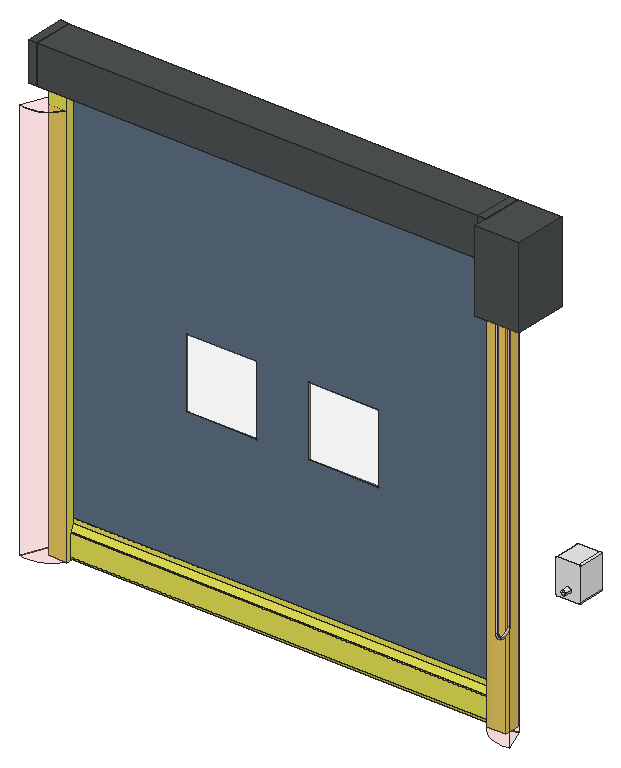
Revit family "Doors_Garage_Overhead-Door-Corporation_RapidFlex-Flexible-Bottom-High-Speed-Door-990", category Specialty Equipment, host Wall, Revit 2019
Family settings
  Host = Wall
  Round Connector Dimension = Use Diameter
  Part Type = Normal
  OmniClass Number = 23.30.10.21.34
  OmniClass Title = Industrial Doors
  Always vertical = Yes
  Cut with Voids When Loaded = No
  Shared = No
  Room Calculation Point = No
Parameters (values of type "115 volts, one phase, 60 Hz (110-120V range)")
  Windows Off [instance] = not(Vision Panels)  # no
  Vision Panels [instance] = yes
  True Width [instance] = [Door Width (Real)]  # 10' - 0"
  True Height [instance] = [Door Height (Real)]  # 10' - 0"
  Three Phase Controller [instance] = not(One Phase Controller)  # no
  Rough Width [instance] = [Door Width (Real)]  # 10' - 0"
  Rough Height [instance] = [Door Height (Real)] - 0' 4 1/2"  # 9' - 7 1/2"
  Product Page URL = "https://www.overheaddoor.com/high-speed-doors-990"
  Powder Coat (Note) = "PowderGuard® Premium powder coat options are available in approximately 200 colors as well as custom matching to specification. "  # constant formula
  Panel Material [instance] = PVC - Overhead Door - Blue
  One Phase Controller [instance] = if(Number of Poles = 1, 1 = 1, 1 = 2)  # yes
  Motor Cover [instance] = yes
  Hood Material = Metal - Overhead Door - Black
  Headroom Height [instance] = 1' - 7 1/2"  # constant formula
  External Transformer = if(or(Voltage = 208 V, Voltage = 575 V), 1 = 1, 1 = 2)  # no
  Door Width (Real) [instance] = if(Door Width > Max Door Width, Max Door Width, if(Door Width < Min Door Width, Min Door Width, Door Width))  # 10' - 0"
  Door Height (Real) [instance] = if(Door Height > Max Door Height, Max Door Height, if(Door Height < Min Door Height, Min Door Height, Door Height))  # 10' - 0"
  Voltage = 115 V
  URL = "https://www.overheaddoor.com/"
  Product data url = "https://www.bimobject.com/overhead-door/products/flexible-bottom-high-speed-door-990"
  Product Guid = "b9145ded-ff11-484a-a30a-9068bf351ad7"
  Power Factor = 1
  Number of Poles = 1
  Model = "990"  # constant formula
  Min Door Width [instance] = 4' - 0"  # constant formula
  Min Door Height [instance] = 4' - 0"  # constant formula
  Max Door Width [instance] = 12' - 0"  # constant formula
  Max Door Height [instance] = 12' - 0"  # constant formula
  Manufacturer = "Overhead Door Corporation"  # constant formula
  Frequency = 60 Hz  # constant formula
  Wall Closure = By host
  Floor To (CL) of Shaft [instance] = [Door Height (Real)] + 0' 5 1/2"  # 10' - 5 1/2"
  Connector Description = "Rapidflex Large Control Panel"  # constant formula
  Finish Material = Finish - Overhead Door - Yellow
  Door Width [instance] = 10' - 0"
  Door Height [instance] = 10' - 0"
  Description = "Our flexible bottom high speed interior fabric door, RapidFlex® 990, is ideal for high-traffic manufacturing, pharmaceutical, warehouse and distribution facilities."  # constant formula
  Current = 20 A
  Clearance [instance] = yes
  Backroom Depth [instance] = 0' - 11 1/2"  # constant formula
  Apparent Load Phase 3 = if(Number of Poles = 1, 0 VA, (Voltage * Current * sqrt(3)) / 3)  # 0 VA
  Apparent Load Phase 2 = if(Number of Poles = 1, 0 VA, (Voltage * Current * sqrt(3)) / 3)  # 0 VA
  Apparent Load Phase 1 = if(Number of Poles = 1, Voltage * Current, (Voltage * Current * sqrt(3)) / 3)  # 2300 VA
Types (7): name | Three Phase Controller | One Phase Controller | External Transformer | Voltage | Number of Poles | Apparent Load Phase 3 | Apparent Load Phase 2 | Apparent Load Phase 1
  115 volts, one phase, 60 Hz (110-120V range) | no | yes | no | 115 V | 1 | 0 VA | 0 VA | 2300 VA
  208 volts, one phase, 60 Hz (190-207V range) | no | yes | yes | 208 V | 1 | 0 VA | 0 VA | 4160 VA
  208 volts, three phase, 60 Hz (190-207 V range) | yes | no | yes | 208 V | 3 | 2401.78 VA | 2401.78 VA | 2401.78 VA
  230 volts, one phase, 60 Hz (208-245V range) | no | yes | no | 230 V | 1 | 0 VA | 0 VA | 4600 VA
  230 volts, three phase, 60 Hz (208-245 V range) | yes | no | no | 230 V | 3 | 2655.81 VA | 2655.81 VA | 2655.81 VA
  460 volts, three phase, 60 Hz (456-495 V range) | yes | no | no | 460 V | 3 | 5311.62 VA | 5311.62 VA | 5311.62 VA
  575 volts, three phase, 60 Hz | yes | no | yes | 575 V | 3 | 6639.53 VA | 6639.53 VA | 6639.53 VA
Reference planes (in)
  plane 1 "Center (Front/Back)": y = 0
  plane 2 "Center (Left/Right)": x = 0
  plane 3 "Left": x = -60
  plane 4 "Right": x = 60
  plane 5 "Exterior": y = 3.00375
  plane 6 "Interior": y = -2.99625
  plane 7: x = 60
  plane 8: x = -60
  plane 9: z = 115.5
  plane 10 "Main": y = -7.11344
  plane 11: y = -14.49625
  plane 12 "Main Door Block": y = -2.99625
  plane 13: z = 47.47
  plane 14: y = -5.16813
  plane 15: y = -5.24829
  plane 16: y = -5.08796
  plane 17: z = 120
Lines and regions (in)
  Opening 1
    outline origin (-90, -2.99625, 0) x (1, 0, 0) y (0, 0, 1)
      loop
        line (30, 0) -> (150, 0) -> (150, 115.5) -> (30, 115.5) -> (30, 0)
Text (in)
  text "Exterior" at (-74.96733, 27.31104, 0), in view "Ref. Level"
  text "Interior" at (-74.96733, -25.14366, 0), in view "Ref. Level"
  text "Exterior" at (0, 40.15149, 123.01588), in view "Right"
  text "Interior" at (0, -64.39139, 123.01588), in view "Right"
  text "Interior" at (0, -31.01599, 123.00693), in view "Left"
  text "Exterior" at (0, 54.57065, 123.00693), in view "Left"
Dimensions and locks (in)
  equal spacing: plane 3 "Left", plane 2 "Center (Left/Right)", plane 4 "Right"
  "Door Width (Real)": plane 3 "Left" to plane 4 "Right"
  level to host wall = 38' - 3.59655"
  equal spacing: plane 8, plane 2 "Center (Left/Right)", plane 7
  "Rough Width": plane 7 to plane 8
  "Backroom Depth": plane 6 "Interior" to plane 11
  plane 9 to level = 9' - 7 1/2"
  locked: plane 12 "Main Door Block" to plane 10 "Main" at 4.11719
  plane 1 "Center (Front/Back)" to plane 6 "Interior" = 0' - 2.99625"
  locked: plane 14 to plane 6 "Interior" at 2.17187
  locked: plane 15 to plane 16 at 0.16033
  equal spacing: plane 15, plane 14, plane 16
  locked: plane 17 to plane 9 at 4.5
  "Door Height (Real)": plane 17 to level
  aligned and locked: Opening 1 sketch curve to level
  aligned and locked: plane 5 "Exterior" to host wall
  aligned and locked: host wall to plane 6 "Interior"
  aligned and locked: plane 8 to Opening 1 sketch curve
  aligned and locked: plane 7 to Opening 1 sketch curve
  aligned and locked: plane 12 "Main Door Block" to plane 6 "Interior"
  aligned and locked: plane 12 "Main Door Block" to nested 1
  aligned and locked: nested 1 to plane 2 "Center (Left/Right)"
  aligned and locked: level to nested 1
  aligned and locked: Opening 1 sketch curve to plane 9
  aligned and locked: plane 2 "Center (Left/Right)" to nested 2
  aligned and locked: level to nested 2
  aligned and locked: plane 16 to nested 2
Nested families (in)
  nested 1: "Lifts" at (0, -2.99625, 0) x (-1, 0, 0) z (0, 0, 1), Header Width <- "Backroom Depth", Motor Cover <- "Motor Cover", One Phase Controller <- "One Phase Controller", Three Phase Controller <- "Three Phase Controller", type "Frame Unit"
    with Three Phase Controller no, Spool Radius 0' - 3.45", Right Motor Position yes, One Phase Controller yes, Motor Cover Off no, Motor Cover yes, Masking Region Right Motor Three Phase no, Masking Region Right Motor no, Header Width 0' - 11 1/2", Header Option 1, Header Height 0' - 11", Guid Option 1, Electric Operator Position 14' - 3 1/2", Clearance (Wide Guid) yes, Clearance (Slim Guid) no, CL Shaft Offset 1' - 0"
  nested 2: "Panel" at (0, -5.08796, 0), type "Panel"
    with Height Real 10' - 4", Height 10' - 0"
Connectors (in)
  electrical at (85.75355, -10.53625, 48), driven by "Power Factor", driven by "Voltage", driven by "Apparent Load Phase 1", driven by "Connector Description", driven by "Number of Poles", driven by "Apparent Load Phase 2", driven by "Apparent Load Phase 3"
    settings: on nested 1, index 1, voltage 115 V, apparent load 0 VA, apparent load phase1 2300 VA, apparent load phase2 0 VA, apparent load phase3 0 VA, power factor 1, load classification "Other", number of poles 1, system type 31, power factor state 1, is connector primary yes, connector utility no, sub classification motor no, connector description "Rapidflex Large Control Panel"
Definition of nested family "Lifts"
  Parameters (values of type "Frame Unit")
    Three Phase Controller [instance] = no
    Spool Radius [instance] = 0' - 3.45"
    Shaft Material = none
    Right Motor Position [instance] = yes
    Opening Width = 10' - 0"
    One Phase Controller [instance] = yes
    Naked Header = no
    Motor Cover Off [instance] = not(Motor Cover)  # no
    Motor Cover [instance] = yes
    Masking Region Right Motor Three Phase [instance] = if(and(Right Motor Position, Three Phase Controller), 1 = 1, 1 = 2)  # no
    Masking Region Right Motor [instance] = if(and(Right Motor Position, Motor Cover Off), 1 = 1, 1 = 2)  # no
    Hood Offset (Real) = if(Hood Offset < 0' 4 1/2", 0' 4 1/2", if(Hood Offset > Opening Height / 2, Opening Height / 2, Hood Offset))  # 0' - 4 1/2"
    Hood Offset = 0' - 0"
    Hood Material = none
    Headroom Height = 1' - 7 1/2"
    Header Width [instance] = 0' - 11 1/2"
    Header Option [instance] = 2
    Header Height [instance] = 0' - 11"
    Guid Width = 0' - 5.27645"
    Guid Option [instance] = 1
    Floor To CL Shaft = Opening Height + Headroom Height - 0' 5 1/2"  # 10' - 9 1/2"
    External Transformer = no
    Electric Operator Position [instance] = if(Right Motor Position, (2' 1 3/4" * 2 + Opening Width), 0' 0")  # 14' - 3 1/2"
    Clearance (Wide Guid) [instance] = if(and(Clearance, or(Guid Option < 2, Guid Option = 2)), 1 < 2, 1 > 2)  # yes
    Clearance (Slim Guid) [instance] = if(and(Clearance, or(Guid Option > 3, Guid Option = 3)), 1 < 2, 1 > 2)  # no
    Clearance = yes
    Opening Height = 9' - 7 1/2"
    Finish Material = none
    CL Shaft Offset [instance] = if(or(Header Option < 1, Header Option = 1), 1' 0", 1' 4.53")  # 1' - 4.53"
    Bottom Bar = yes
    Analytic Construction = "<None>"
  Reference planes (in)
    plane 1 "Center (Front/Back)": y = 0
    plane 2: z = 0
    plane 3 "Center (Left/Right)": x = 0
    plane 4 "Left": x = -60
    plane 5 "Right": x = 60
    plane 6 "Center Line of Shaft": z = 129.5
    plane 7 "Headroom Top": z = 135
    plane 8 "Opening Height": z = 115.5
    plane 9: x = -76.13
    plane 10 "Shaft": x = -75.54413
    plane 11 "Box": x = -85.75355
    plane 12 "EBOX": z = 48
    plane 13: z = 39.09375
    plane 14: z = 56.90625
    plane 15: z = 43.5
    plane 16: y = 7.54
    plane 17: z = 124
    plane 18: y = 11.5
    plane 19: x = 66.77645
    plane 20: x = 65.27645
    plane 21: x = -65.27645
    plane 22: x = -78.00355
    plane 23: x = -93.50355
    plane 24: y = 5.75
    plane 25: y = 5.75
    plane 26: y = 2.17
    plane 27 "Center L/MM": x = 85.74645
    plane 28: z = 53
    plane 29: z = 43
    plane 30: x = -82.25355
    plane 31: x = -89.25355
    plane 32: y = 7.54
    plane 33 "1": z = 45.56
  Forms (in)
    Extrusion 1, solid, material <- "Shaft Material"
      sketch origin (0, 0, 0) x (0, 1, 0) y (0, 0, 1)
        loop
          circle (5.75, 129.5) r 0.78
      from -76.13 to 66.77645
    Extrusion 2, solid, visible <- "Three Phase Controller"
      sketch origin (-1.95651, 0, 0) x (1, 0, 0) y (0, 0, 1)
        loop
          line (-76.54703, 56.90625) -> (-91.04703, 56.90625)
          arc (-91.04703, 56.90625) -> (-91.40059, 56.7598) -> (-91.54703, 56.40625) r 0.5
          line (-91.54703, 56.40625) -> (-91.54703, 39.59375)
          arc (-91.54703, 39.59375) -> (-91.40059, 39.2402) -> (-91.04703, 39.09375) r 0.5
          line (-91.04703, 39.09375) -> (-76.54703, 39.09375)
          arc (-76.54703, 39.09375) -> (-76.19348, 39.2402) -> (-76.04703, 39.59375) r 0.5
          line (-76.04703, 39.59375) -> (-76.04703, 56.40625)
          arc (-76.04703, 56.40625) -> (-76.19348, 56.7598) -> (-76.54703, 56.90625) r 0.5
      from -7.54 to 0
    Revolve 3, solid, visible <- "Three Phase Controller"
      sketch origin (-55.03203, -180, 43.5) x (-1, 0, 0) y (0, -1, 0)
        loop
          line (27.36151, -187.54) -> (26.61151, -187.54) -> (26.76151, -189.312) -> (27.36151, -189.312) -> (27.36151, -187.54)
        axis (27.36151, -187.54) -> (27.36151, -189.312)
      angle from 0 to 360
    Extrusion 4, solid, material <- "Finish Material"
      sketch origin (0, 0, 0) x (1, 0, 0) y (0, 1, 0)
        loop
          line (-65.27645, 0) -> (-60, 0) -> (-60, 4.332) -> (-65.27645, 4.332) -> (-65.27645, 0)
        loop
          line (65.27645, 0) -> (65.27645, 4.332) -> (60, 4.332) -> (60, 0) -> (65.27645, 0)
      from 0 to 124
    Extrusion 5, solid, material <- "Hood Material"
      sketch origin (0, 0, 0) x (0, 1, 0) y (0, 0, 1)
        loop
          line (0, 124) -> (11.5, 124) -> (11.5, 135) -> (0, 135) -> (0, 124)
      from -65.27645 to 65.27645
    Sweep 6, solid, material <- "Hood Material"
      path origin (0, 0, 0) x (0, 1, 0) y (0, 0, 1)
        loop
          line (0, 124) -> (11.5, 124) -> (11.5, 135) -> (0, 135) -> (0, 124)
      profile origin (0, 0, 129.5) x (0, -1, 0) y (1, 0, 0)
        loop
          line (0, -65.27645) -> (0, -63.07791) -> (-0.5, -63.07791) -> (-0.5, -65.27645) -> (0, -65.27645)
        loop
          line (0, 65.27645) -> (-0.5, 65.27645) -> (-0.5, 63.07791) -> (0, 63.07791) -> (0, 65.27645)
    Extrusion 7, solid, material <- "Hood Material"
      sketch origin (0, 0, 0) x (1, 0, 0) y (0, 1, 0)
        loop
          line (65.27645, 0) -> (65.27645, 11.5) -> (64.77145, 11.5) -> (64.77145, 0) -> (65.27645, 0)
        loop
          line (-65.27645, 0) -> (-64.77145, 0) -> (-64.77145, 11.5) -> (-65.27645, 11.5) -> (-65.27645, 0)
      from 124 to 135
    Extrusion 8, solid, material <- "Hood Material"
      sketch origin (-60, -60, 48) x (0, -1, 0) y (0, 0, 1)
        loop
          circle (-65.75, 81.5) r 3.45
      from 4.42748 to 3.36549
    Extrusion 9, solid, visible <- "External Transformer"
      sketch origin (0, 0, 48) x (1, 0, 0) y (0, 1, 0)
        loop
          line (-92.62855, 0) -> (-78.87855, 0) -> (-78.87855, 0.125) -> (-81.25355, 0.125) -> (-81.25355, 9.3125) -> (-90.25355, 9.3125) -> (-90.25355, 0.125) -> (-92.62855, 0.125) -> (-92.62855, 0)
      from -19.13 to -10
    Extrusion 10, solid, visible <- "Clearance"
      sketch origin (0, 0, 0) x (1, 0, 0) y (0, 1, 0)
        loop
          arc (-60, 4.332) -> (-64.23927, 8.22682) -> (-69.97175, 8.75565) r 9
          line (-69.97175, 8.75565) -> (-67.1622, 1.80178) -> (-65.27645, 2.56367) -> (-65.27645, 4.332) -> (-60, 4.332)
        loop
          line (60, 4.332) -> (65.27645, 4.332) -> (65.27645, 2.56367) -> (67.1622, 1.80178) -> (69.97175, 8.75565)
          arc (69.97175, 8.75565) -> (64.23927, 8.22682) -> (60, 4.332) r 9
      from 0 to 115.5
    Extrusion 11, solid, material <- "Hood Material"
      sketch origin (60, 0, 0) x (0, -1, 0) y (0, 0, 1)
        loop
          circle (-5.75, 129.5) r 3.45
      from -4.43 to -3.37
    Extrusion 12, solid, material <- "Finish Material"
      sketch origin (0, 0, 0) x (0, 1, 0) y (0, 0, 1)
        loop
          arc (3.24008, 6.97045) -> (3.22335, 7.12796) -> (3.17392, 7.27845) r 0.75
          line (3.17392, 7.27845) -> (2.34001, 9.13) -> (2.34001, 10.63) -> (1.99999, 10.63) -> (1.99999, 9.13) -> (1.16608, 7.27845)
          arc (1.16608, 7.27845) -> (1.11665, 7.12796) -> (1.09992, 6.97045) r 0.75
          line (1.09992, 6.97045) -> (1.09992, 1)
          arc (1.09992, 1) -> (1.39282, 0.29289) -> (2.09992, 0) r 1
          line (2.09992, 0) -> (2.166, 0) -> (2.24008, 0)
          arc (2.24008, 0) -> (2.94718, 0.29289) -> (3.24008, 1) r 1
          line (3.24008, 1) -> (3.24008, 6.97045)
      from -60 to 60
    Extrusion 13, solid, visible <- "One Phase Controller"
      sketch origin (0, 0, 0) x (1, 0, 0) y (0, 0, 1)
        loop
          line (-82.65355, 53) -> (-88.85355, 53)
          arc (-88.85355, 53) -> (-89.13639, 52.88284) -> (-89.25355, 52.6) r 0.4
          line (-89.25355, 52.6) -> (-89.25355, 43.4)
          arc (-89.25355, 43.4) -> (-89.13639, 43.11716) -> (-88.85355, 43) r 0.4
          line (-88.85355, 43) -> (-82.65355, 43)
          arc (-82.65355, 43) -> (-82.3707, 43.11716) -> (-82.25355, 43.4) r 0.4
          line (-82.25355, 43.4) -> (-82.25355, 52.6)
          arc (-82.25355, 52.6) -> (-82.3707, 52.88284) -> (-82.65355, 53) r 0.4
      from -7.54 to 0
    Revolve 14, solid, visible <- "One Phase Controller"
      sketch origin (0, 0, 45.56) x (-1, 0, 0) y (0, -1, 0)
        loop
          line (85.75355, -9.3125) -> (85.75355, -7.54) -> (85.00355, -7.54) -> (85.15355, -9.3125) -> (85.75355, -9.3125)
        axis (85.75355, -9.3125) -> (85.75355, -7.54)
      angle from 0 to 360
  Cuts and joins
    joined: Sweep 6, Extrusion 7
  Lines and regions (in)
    Masking region 1, visible <- "Three Phase Controller"
      outline origin (0, 0, 0) x (1, 0, 0) y (0, 1, 0)
        loop
          line (-93.50355, 0) -> (-78.00355, 0) -> (-78.00355, 7.54) -> (-93.50355, 7.54) -> (-93.50355, 0)
    Masking region 2, visible <- "Masking Region Right Motor Three Phase"
      outline origin (0, 0, 0) x (1, 0, 0) y (0, 1, 0)
        loop
          line (-81.64355, 7.54) -> (-81.79355, 9.312) -> (-82.99355, 9.312) -> (-83.14355, 7.54) -> (-81.64355, 7.54)
    Masking region 3, visible <- "Right Motor Position"
      outline origin (0, 0, 0) x (1, 0, 0) y (0, 1, 0)
        loop
          line (66.77645, 6.53) -> (65.27645, 6.53) -> (65.27645, 4.97) -> (66.77645, 4.97) -> (66.77645, 6.53)
    Masking region 4, visible <- "External Transformer"
      outline origin (0, 0, 0) x (1, 0, 0) y (0, 1, 0)
        loop
          line (-90.25355, 7.54) -> (-81.25355, 7.54) -> (-81.25355, 9.3125) -> (-90.25355, 9.3125) -> (-90.25355, 7.54)
    Masking region 5
      outline origin (0, 0, 0) x (1, 0, 0) y (0, 1, 0)
        loop
          line (-65.27645, 11.5) -> (-65.27645, 0) -> (65.27645, 0) -> (65.27645, 11.5) -> (-65.27645, 11.5)
    Masking region 6, visible <- "One Phase Controller"
      outline origin (0, 0, 0) x (1, 0, 0) y (0, 1, 0)
        loop
          line (-89.25355, 7.54) -> (-89.25355, 0) -> (-82.25355, 0) -> (-82.25355, 7.54) -> (-89.25355, 7.54)
    Masking region 7, visible <- "One Phase Controller"
      outline origin (0, 0, 0) x (1, 0, 0) y (0, 1, 0)
        loop
          line (-86.35355, 9.3125) -> (-86.50355, 7.54) -> (-85.00355, 7.54) -> (-85.15355, 9.3125) -> (-86.35355, 9.3125)
    Masking region 8, visible <- "Motor Cover Off"
      outline origin (0, 0, 0) x (1, 0, 0) y (0, 1, 0)
        loop
          line (-76.13, 4.97) -> (-73.50545, 4.97) -> (-73.50545, 5.40044) -> (-72.97545, 5.40044) -> (-72.97545, 6.53) -> (-76.13, 6.53) -> (-76.13, 4.97)
        loop
          line (-68.44051, 5.9) -> (-68.44051, 6.53) -> (-69.03545, 6.53) -> (-69.03545, 5.40095) -> (-68.50551, 5.40095) -> (-68.50551, 4.97004) -> (-65.27645, 4.97004) -> (-65.27645, 6.53) -> (-67.2063, 6.53) -> (-67.2063, 5.9) -> (-68.44051, 5.9)
    symbolic lines
      curve 1: line (-63.07791, 0, 0) -> (-63.07791, 11.5, 0)
      curve 2: line (63.07791, 11.5, 0) -> (63.07791, 0, 0)
  Dimensions and locks (in)
    equal spacing: plane 4 "Left", plane 3 "Center (Left/Right)", plane 5 "Right"
    "Opening Width": plane 4 "Left" to plane 5 "Right"
    "Header Height": plane 7 "Headroom Top" to plane 17
    "Opening Height": plane 8 "Opening Height" to level
    locked: plane 9 to plane 4 "Left" at 16.13
    locked: level to plane 12 "EBOX" at 48
    locked: plane 11 "Box" to Revolve 3 sketch curve at 3.36
    equal spacing: plane 14, plane 12 "EBOX", plane 13
    locked: plane 12 "EBOX" to plane 15 at 4.5
    locked: plane 13 to plane 14 at 17.8125
    locked: plane 10 "Shaft" to plane 4 "Left" at 15.54413
    plane 11 "Box" to plane 10 "Shaft" = 0' - 10.20941"
    locked: plane 16 to plane 1 "Center (Front/Back)" at 7.54
    locked: Revolve 3 sketch curve to Revolve 3 sketch curve at 0.6
    locked: Revolve 3 sketch curve to Revolve 3 sketch curve at 0.75
    locked: plane 16 to Revolve 3 sketch curve at 1.772
    "Guid Width": Extrusion 4 sketch curve to plane 4 "Left"
    locked: plane 1 "Center (Front/Back)" to Extrusion 4 sketch curve at 4.332
    "Header Width": plane 1 "Center (Front/Back)" to Extrusion 5 sketch curve
    Extrusion 5 to plane 4 "Left" = 0' - 5.27645"
    plane 5 "Right" to Extrusion 5 = 0' - 5.27645"
    "Header Width": plane 1 "Center (Front/Back)" to Sweep 6 sketch curve
    "Header Width": plane 1 "Center (Front/Back)" to Extrusion 7 sketch curve  (x2)
    "Header Width": plane 1 "Center (Front/Back)" to plane 18
    locked: plane 5 "Right" to plane 19 at 6.77645
    plane 21 to nested 1 = 0' - 5.729"
    "Guid Width": plane 4 "Left" to plane 21
    "Guid Width": plane 5 "Right" to plane 20
    locked: Extrusion 7 sketch curve to plane 20 at 0.505
    locked: plane 21 to Extrusion 7 sketch curve at 0.505
    Sweep 6 sketch curve to plane 4 "Left" = 0' - 5.27645"
    locked: plane 11 "Box" to plane 23 at 7.75
    locked: plane 22 to plane 11 "Box" at 7.75
    locked: Masking region 3 sketch curve to Masking region 3 sketch curve at 1.56
    locked: plane 1 "Center (Front/Back)" to Extrusion 9 sketch curve at 0.125
    locked: plane 11 "Box" to Extrusion 9 sketch curve at 4.5
    locked: Extrusion 9 sketch curve to plane 11 "Box" at 4.5
    locked: Extrusion 9 sketch curve to plane 11 "Box" at 6.875
    locked: plane 11 "Box" to Extrusion 9 sketch curve at 6.875
    plane 1 "Center (Front/Back)" to Extrusion 9 sketch curve = 0' - 9 5/16"
    locked: plane 18 to Extrusion 8 sketch curve at 5.75
    locked: plane 18 to Extrusion 1 sketch curve at 5.75
    locked: Extrusion 4 sketch curve to Extrusion 4 sketch curve at 4.332
    "Guid Width": Extrusion 4 sketch curve to Extrusion 4 sketch curve
    plane 20 to plane 21 = 10' - 10.55291"
    locked: plane 1 "Center (Front/Back)" to Extrusion 10 sketch curve at 9  (x2)
    locked: cut or joined group of Sweep 6, Extrusion 7 to Sweep 6 sketch curve at 0.5
    locked: Sweep 6 sketch curve to Extrusion 4 at 0.5
    locked: plane 1 "Center (Front/Back)" to plane 26 at 2.17
    locked: Extrusion 12 sketch curve to plane 2 at 10.63
    locked: Extrusion 12 sketch curve to Extrusion 12 sketch curve at 2.14015
    locked: plane 26 to Extrusion 12 sketch curve at 1.07008
    locked: Extrusion 12 sketch curve to Extrusion 12 sketch curve at 1.5
    locked: plane 20 to plane 27 "Center L/MM" at 20.47
    "Electric Operator Position": plane 11 "Box" to plane 27 "Center L/MM"
    equal spacing: Masking region 1 sketch curve, plane 11 "Box", Masking region 1 sketch curve
    locked: Masking region 1 sketch curve to Masking region 1 sketch curve at 15.5
    "Floor To CL Shaft": plane 6 "Center Line of Shaft" to plane 2
    plane 8 "Opening Height" to level = 9' - 7 1/2"
    equal spacing: plane 29, plane 12 "EBOX", plane 28
    locked: plane 29 to plane 28 at 10
    locked: plane 1 "Center (Front/Back)" to plane 32 at 7.54
    locked: plane 32 to Revolve 14 sketch curve at 1.7725
    locked: plane 12 "EBOX" to plane 33 "1" at 2.44
    locked: plane 11 "Box" to Revolve 14 sketch curve at 0.75
    locked: plane 11 "Box" to Revolve 14 sketch curve at 0.6
    "Headroom Height": plane 7 "Headroom Top" to plane 8 "Opening Height"
    locked: plane 30 to plane 11 "Box" at 3.5
    locked: plane 30 to plane 31 at 7
    locked: Extrusion 1 sketch curve to Extrusion 1 sketch curve (radius 0' - 0.78")
    "Spool Radius": radius of Extrusion 8 sketch curve
    "Spool Radius": radius of Extrusion 11 sketch curve
    radius of Extrusion 10 sketch curve = 0' - 9"  (x2)
    locked: Revolve 3 to Masking region 2 sketch curve (angle 85.1614°)
    locked: Masking region 2 sketch curve to Revolve 3 (angle 85.1614°)
    locked: Masking region 7 sketch curve to Revolve 14 (angle 85.1628°)
    locked: Revolve 14 to Masking region 7 sketch curve (angle 85.1628°)
    aligned and locked: plane 2 to level
    aligned and locked: plane 9 to Extrusion 1
    aligned and locked: Extrusion 2 to plane 1 "Center (Front/Back)"
    aligned and locked: Extrusion 2 sketch curve to plane 13
    aligned and locked: plane 14 to Extrusion 2 sketch curve
    aligned and locked: Revolve 3 sketch curve to Revolve 3 sketch curve
    aligned and locked: plane 16 to Revolve 3 sketch curve
    aligned and locked: plane 1 "Center (Front/Back)" to Extrusion 5 sketch curve
    aligned and locked: Extrusion 5 sketch curve to plane 7 "Headroom Top"
    aligned and locked: Extrusion 5 to plane 17
    aligned and locked: plane 17 to Extrusion 5 sketch curve
    aligned and locked: plane 17 to Extrusion 4
    aligned and locked: plane 1 "Center (Front/Back)" to Sweep 6 sketch curve
    aligned and locked: Sweep 6 sketch curve to plane 7 "Headroom Top"
    aligned and locked: Sweep 6 sketch curve to plane 17
    aligned and locked: profile plane to Sweep 6 sketch curve
    aligned and locked: Extrusion 7 sketch curve to plane 1 "Center (Front/Back)"  (x2)
    aligned and locked: plane 7 "Headroom Top" to Extrusion 7
    aligned and locked: Extrusion 7 to plane 17
    aligned and locked: Masking region 2 sketch curve to Revolve 3  (x2)
    aligned and locked: Extrusion 1 to plane 19
    aligned and locked: Extrusion 7 sketch curve to plane 21
    aligned and locked: Extrusion 7 sketch curve to plane 20
    aligned and locked: plane 22 to Extrusion 2 sketch curve
    aligned and locked: plane 23 to Extrusion 2 sketch curve
    aligned and locked: plane 19 to Masking region 3 sketch curve
    aligned and locked: plane 20 to Masking region 3 sketch curve
    aligned and locked: Masking region 3 sketch curve to Extrusion 1
    aligned and locked: Extrusion 9 sketch curve to plane 1 "Center (Front/Back)"
    aligned and locked: Extrusion 9 sketch curve to Extrusion 9 sketch curve
    aligned and locked: Masking region 4 sketch curve to Extrusion 9  (x2)
    aligned and locked: Extrusion 9 to Masking region 4 sketch curve
    aligned and locked: plane 6 "Center Line of Shaft" to Extrusion 8 sketch curve
    aligned and locked: plane 6 "Center Line of Shaft" to Extrusion 1 sketch curve
    aligned and locked: Extrusion 4 sketch curve to plane 1 "Center (Front/Back)"
    aligned and locked: plane 20 to Extrusion 4 sketch curve
    aligned and locked: Extrusion 10 to level
    aligned and locked: cut or joined group of Sweep 6, Extrusion 7 to plane 21
    aligned and locked: cut or joined group of Sweep 6, Extrusion 7 to plane 18  (x2)
    aligned and locked: cut or joined group of Sweep 6, Extrusion 7 to plane 1 "Center (Front/Back)"
    aligned and locked: plane 1 "Center (Front/Back)" to cut or joined group of Sweep 6, Extrusion 7
    aligned and locked: plane 20 to cut or joined group of Sweep 6, Extrusion 7
    aligned and locked: Sweep 6 sketch curve to cut or joined group of Sweep 6, Extrusion 7
    aligned and locked: plane 20 to Sweep 6 sketch curve
    aligned and locked: Extrusion 5 to plane 21
    aligned and locked: plane 20 to Extrusion 5
    aligned and locked: plane 7 "Headroom Top" to nested 1
    aligned and locked: plane 8 "Opening Height" to Extrusion 10
    aligned and locked: nested 1 to plane 21
    aligned and locked: Extrusion 12 to plane 5 "Right"
    aligned and locked: plane 4 "Left" to Extrusion 12
    aligned and locked: plane 18 to Masking region 5 sketch curve
    aligned and locked: Masking region 5 sketch curve to plane 1 "Center (Front/Back)"
    aligned and locked: Masking region 5 sketch curve to plane 21
    aligned and locked: Masking region 5 sketch curve to plane 20
    aligned and locked: nested 1 to plane 1 "Center (Front/Back)"
    aligned and locked: plane 28 to Extrusion 13 sketch curve
    aligned and locked: Extrusion 13 sketch curve to plane 29
    aligned and locked: Extrusion 13 sketch curve to plane 30
    aligned and locked: plane 1 "Center (Front/Back)" to Extrusion 13
    aligned and locked: Revolve 14 sketch curve to Revolve 14 sketch curve
    aligned and locked: Revolve 14 sketch curve to plane 32
    aligned and locked: Masking region 6 sketch curve to Extrusion 13  (x4)
    aligned and locked: Masking region 7 sketch curve to Revolve 14
    aligned and locked: Masking region 4 to Masking region 7 sketch curve
    aligned and locked: curve 1 to cut or joined group of Sweep 6, Extrusion 7
    aligned and locked: curve 2 to cut or joined group of Sweep 6, Extrusion 7
    aligned and locked: Extrusion 10 sketch curve to plane 21
    aligned and locked: plane 21 to Extrusion 10 sketch curve
    aligned and locked: Extrusion 10 sketch curve to Extrusion 4
    aligned and locked: plane 4 "Left" to Extrusion 10 sketch curve
    aligned and locked: Extrusion 10 sketch curve to plane 20
    aligned and locked: plane 20 to Extrusion 10 sketch curve
    aligned and locked: plane 5 "Right" to Extrusion 10 sketch curve
  Automatic sketch dimensions
    Extrusion 2 sketch curve to Extrusion 2 sketch curve = 0' - 0 1/2"
    Extrusion 2 sketch curve to plane 14 = 0' - 0 1/2"
    Extrusion 2 sketch curve to plane 22 = 0' - 0 1/2"  (x2)
    Extrusion 11 sketch curve to plane 6 "Center Line of Shaft" = 0' - 0"
    Extrusion 11 sketch curve to plane 25 = 0' - 0"
    Extrusion 13 sketch curve to plane 31 = 0' - 0"
    plane 31 to Extrusion 13 sketch curve = 0' - 0.4"  (x2)
    Extrusion 13 sketch curve to plane 15 = 0' - 0.1"
    Extrusion 13 sketch curve to plane 28 = 0' - 0.4"
    Revolve 14 sketch curve to plane 11 "Box" = 0' - 0"
    Revolve 14 sketch curve to plane 32 = 0' - 0"
    Revolve 14 sketch curve to Revolve 14 sketch curve = 0' - 0"
    plane 1 "Center (Front/Back)" to curve 2 = 0' - 0"
    curve 1 to plane 1 "Center (Front/Back)" = 0' - 0"
    plane 18 to curve 2 = 0' - 0"
    plane 18 to curve 1 = 0' - 0"
    Revolve 3 sketch curve to plane 18 = 0' - 7.38505"
    Revolve 3 sketch curve to plane 26 = 0' - 0.90036"
    Sweep 6 sketch curve to Sweep 6 sketch curve = 0' - 2.19855"  (x2)
    Masking region 1 sketch curve to plane 1 "Center (Front/Back)" = 0' - 0"
    plane 18 to Masking region 1 sketch curve = 0' - 3.96"
    plane 11 "Box" to Masking region 2 sketch curve = 0' - 2.61"
    Masking region 2 sketch curve to Masking region 2 sketch curve = 0' - 1.2"
    Masking region 4 sketch curve to Masking region 4 sketch curve = 0' - 1.7725"
    plane 26 to Extrusion 10 sketch curve = 0' - 0.36822"  (x2)
    Extrusion 10 sketch curve to Extrusion 10 sketch curve = 0' - 0.72664"  (x2)
    plane 18 to Extrusion 10 sketch curve = 0' - 2.74435"  (x2)
    plane 20 to Extrusion 10 sketch curve = 0' - 1.88575"
    Extrusion 12 sketch curve to level = 0' - 0"
    Extrusion 12 sketch curve to Extrusion 12 sketch curve = 0' - 0.06616"  (x2)
    plane 26 to Extrusion 12 sketch curve = 0' - 0.32008"
    plane 26 to Extrusion 12 sketch curve = 0' - 0.17001"
    plane 26 to Extrusion 12 sketch curve = 0' - 0.07008"
    plane 26 to Extrusion 12 sketch curve = 0' - 0.004"
    Extrusion 12 sketch curve to plane 26 = 0' - 0.07008"
    Extrusion 12 sketch curve to plane 26 = 0' - 0.17001"
    Extrusion 12 sketch curve to plane 26 = 0' - 0.32008"
    Extrusion 12 sketch curve to Extrusion 12 sketch curve = 0' - 0"
    Masking region 7 sketch curve to plane 11 "Box" = 0' - 0 3/4"
    plane 11 "Box" to Masking region 7 sketch curve = 0' - 0.6"
    Masking region 8 sketch curve to plane 9 = 0' - 0"
    Masking region 8 sketch curve to plane 21 = 0' - 0"
    Masking region 8 sketch curve to plane 10 "Shaft" = 0' - 2.03868"
    Masking region 8 sketch curve to plane 21 = 0' - 3.759"
    Masking region 8 sketch curve to Masking region 8 sketch curve = 0' - 0.52994"
    Masking region 8 sketch curve to Masking region 8 sketch curve = 0' - 0.59494"
    Masking region 8 sketch curve to Masking region 8 sketch curve = 0' - 1.23421"
    Masking region 8 sketch curve to plane 26 = 0' - 2.8"
    Masking region 8 sketch curve to plane 26 = 0' - 2.80004"
    Masking region 8 sketch curve to Masking region 8 sketch curve = 0' - 0.43044"
    Masking region 8 sketch curve to Masking region 8 sketch curve = 0' - 0.43091"
    Masking region 8 sketch curve to Masking region 8 sketch curve = 0' - 0.49905"
    Masking region 8 sketch curve to Masking region 8 sketch curve = 0' - 0.63"
    Masking region 8 sketch curve to Masking region 8 sketch curve = 0' - 1.56"
    Masking region 8 sketch curve to Masking region 8 sketch curve = 0' - 1.55996"
    Masking region 8 sketch curve to Masking region 8 sketch curve = 0' - 0.53"
    Extrusion 4 sketch curve to plane 4 "Left" = 0' - 0"
    plane 1 "Center (Front/Back)" to Extrusion 4 sketch curve = 0' - 0"
  Nested families (in)
    nested 1: "General Motor" at (-71.00545, 0.5, 129.199), visible <- "Right Motor Position", Motor Cover <- "Motor Cover", type "Family2"
      with Motor Cover Off no, Motor Cover yes, Floor To Cl Shaft 10' - 9 1/2"
  Definition of nested family "General Motor"
    Parameters (values of type "Family2")
      Shaft Material = none
      Opening Height = 9' - 7 1/2"
      Motor Cover Off [instance] = not(Motor Cover)  # no
      Motor Cover [instance] = yes
      Hood Material = none
      Floor To Cl Shaft = 9' - 3.501"
      Finish Material = none
      Default Elevation = 4' - 0"
      Chain Length = CL of Shaft - 4' 0" - 1' 7.31"  # 5' - 2.19"
      CL of Shaft = 10' - 9 1/2"
      Amount of Panels = 5
    Reference planes (in)
      plane 1 "Center (Front/Back)": y = 0
      plane 2: z = 0
      plane 3 "Center (Left/Right)": x = 0
      plane 4: z = 5.335
      plane 5: z = -18.546
      plane 6: z = -17.165
      plane 7: z = -19.311
      plane 8: z = -81.501
      plane 9: x = 5.729
      plane 10: z = -5.699
      plane 11: x = -6.991
      plane 12: z = -111.501
    Forms (in)
      Revolve 1, solid, material <- "Shaft Material"
        sketch origin (0, 0, -153.29) x (0, 0, -1) y (0, -1, 0)
          loop
            line (-158.625, -8.066) -> (-134.744, -8.066) -> (-134.744, -6.99312) -> (-136.091, -6.365) -> (-138.289, -6.365) -> (-138.289, -5.714) -> (-140.769, -5.586) -> (-142.108, -5.519) -> (-146.951, -5.519) -> (-148.093, -5.704) -> (-148.349, -5.704) -> (-156.66, -5.468) -> (-158.625, -5.468) -> (-158.625, -8.066)
          axis (-134.744, -8.066) -> (-158.625, -8.066)
        angle from 0 to 360
      Extrusion 2, solid, material <- "Shaft Material"
        sketch origin (0, 0, -153.29) x (0, 0, -1) y (0, -1, 0)
          loop
            line (-142.108, -13.875) -> (-142.108, -7.875) -> (-146.951, -7.875) -> (-146.951, -13.875) -> (-142.108, -13.875)
        from -2.5 to 2.5
      Extrusion 3, solid
        sketch origin (51.311, 0, 0) x (-1, 0, 0) y (0, -1, 0)
          loop
            line (45.582, -1.755) -> (45.582, -3.496) -> (45.832, -3.496) -> (45.832, -1.82199) -> (46.73959, -0.25) -> (52.45925, -0.25) -> (52.45925, 0) -> (46.59525, 0) -> (45.582, -1.755)
        from -4.56 to 4.56
      Extrusion 4, void
        sketch origin (51.311, 0, -153.29) x (1, 0, 0) y (0, 0, 1)
          loop
            line (-48.772, 148.73) -> (-52.45925, 148.73) -> (-52.45925, 149.98) -> (-50.72525, 149.98) -> (-50.72525, 156.6) -> (-52.45925, 156.6) -> (-52.45925, 157.85) -> (-48.772, 157.85) -> (-45.582, 157.0155) -> (-45.582, 159.2655) -> (-55.082, 159.2655) -> (-55.082, 147.3145) -> (-45.582, 147.3145) -> (-45.582, 149.5645) -> (-48.772, 148.73)
        from -15.80227 to 5
      Extrusion 5, solid, material <- "Shaft Material"
        sketch origin (0, 0, -153.29) x (0, 0, -1) y (0, -1, 0)
          loop
            line (-143.525, -4.641) -> (-143.525, -1.441) -> (-148.515, -1.18157) -> (-148.84, -1.18157) -> (-148.84, -1.57157) -> (-150.11271, -1.57157) -> (-150.11271, -4.51043) -> (-148.84, -4.51043) -> (-148.84, -4.90043) -> (-148.515, -4.90043) -> (-143.525, -4.641)
        from -2.5 to 2.5
      Extrusion 6, void
        sketch origin (51.311, 0, -153.29) x (1, 0, 0) y (0, 0, 1)
          loop
            line (-48.811, 148.515) -> (-49.24757, 143.525) -> (-53.37443, 143.525) -> (-53.811, 148.515) -> (-55.811, 148.515) -> (-55.811, 142.515) -> (-46.811, 142.515) -> (-46.811, 148.515) -> (-48.811, 148.515)
        from -4.90043 to -1.18157
      Extrusion 7, solid, material <- "Shaft Material"
        sketch origin (0, 0, -153.29) x (0, 0, -1) y (0, -1, 0)
          loop
            line (-149.944, -0.25) -> (-156.636, -0.25) -> (-156.636, -9.069) -> (-149.944, -9.069) -> (-149.944, -0.25)
        from -1.97 to 1.97
      Extrusion 8, solid, material <- "Shaft Material"
        sketch origin (6.36891, 0, -153.29) x (0, 0, -1) y (0, -1, 0)
          loop
            line (-133.979, -10.6) -> (-133.979, -5.4) -> (-136.125, -5.4)
            arc (-136.125, -5.4) -> (-138.725, -8) -> (-136.125, -10.6) r 2.6
            line (-136.125, -10.6) -> (-133.979, -10.6)
        from 2.565 to 3.79891
      Extrusion 9, solid, material <- "Shaft Material"
        sketch origin (0, 0, -153.29) x (0, 0, -1) y (0, -1, 0)
          loop
            circle (-136.09491, -8.066) r 1.34
        from -2.57 to 2.565
      Sweep 10, solid, material <- "Shaft Material"
        path origin (6.36891, 0, -153.29) x (0, 0, -1) y (0, -1, 0)
          loop
            line (-133.979, -10.4375) -> (-71.789, -10.4375)
            arc (-71.789, -10.4375) -> (-69.3515, -8) -> (-71.789, -5.5625) r 2.4375
            line (-71.789, -5.5625) -> (-133.979, -5.5625)
        profile origin (6.36891, 10.4375, -50.406) x (-1, 0, 0) y (0, -1, 0)
          loop
            circle (3.18196, 0.2675) r 0.2675
      Extrusion 11, solid, material <- "Hood Material", visible <- "Motor Cover"
        sketch origin (5.729, 1.755, 48) x (0, -1, 0) y (0, 0, 1)
          loop
            line (-13.12, -42.199) -> (-13.12, -65.199) -> (2.255, -65.199) -> (2.255, -42.199) -> (-13.12, -42.199)
        from 12.72 to 0
      Extrusion 12, void
        sketch origin (5.729, 1.755, 48) x (0, -1, 0) y (0, 0, 1)
          loop
            line (-2.645, -65.432) -> (-2.645, -44.63) -> (-9.977, -44.63) -> (-9.977, -65.432) -> (-2.645, -65.432)
        from 1.92509 to 8.35492
    Cuts and joins
      Extrusion 4 cuts Extrusion 3
      Extrusion 6 cuts Extrusion 5
      Extrusion 12 cuts Extrusion 11
    Lines and regions (in)
      Masking region 1, visible <- "Motor Cover Off"
        outline origin (0, 0, 0) x (1, 0, 0) y (0, 1, 0)
          loop
            line (-2.5, 13.875) -> (-2.5, 9.406) -> (-2.565, 9.406) -> (-2.565, 6.726) -> (-2.22576, 6.726)
            arc (-2.22576, 6.726) -> (-2.10532, 6.54376) -> (-1.97, 6.37228) r 2.598
            line (-1.97, 6.37228) -> (-1.97, 4.90043) -> (-2.5, 4.90043) -> (-2.5, 1.18157) -> (-1.97, 1.18157) -> (-1.97, 0.25881) -> (1.97, 0.25881) -> (1.97, 1.18157) -> (2.5, 1.18157) -> (2.5, 4.90043) -> (1.97, 4.90043) -> (1.97, 6.37228)
            arc (1.97, 6.37228) -> (2.10532, 6.54376) -> (2.22576, 6.726) r 2.598
            line (2.22576, 6.726) -> (2.565, 6.726) -> (2.565, 5.4) -> (3.79891, 5.4) -> (3.79891, 10.6) -> (2.565, 10.6) -> (2.565, 9.406) -> (2.5, 9.406) -> (2.5, 13.875) -> (-2.5, 13.875)
          loop
            line (5.479, 3.496) -> (5.479, 1.82199) -> (4.57141, 0.25) -> (-1.14825, 0.25) -> (-1.14825, 0) -> (4.71575, 0) -> (5.729, 1.755) -> (5.729, 3.496) -> (5.479, 3.496)
      Masking region 2, visible <- "Motor Cover Off"
        outline origin (0, 0, 0) x (1, 0, 0) y (0, 1, 0)
          loop
            circle (0, 8.066) r 2.598
          loop
            line (-2.5, 4.90043) -> (-2.5, 4.51043) -> (-1.97, 4.51043) -> (-1.97, 4.90043) -> (-2.5, 4.90043)
          loop
            line (-2.5, 1.57157) -> (-2.5, 1.18157) -> (-1.97, 1.18157) -> (-1.97, 1.57157) -> (-2.5, 1.57157)
          loop
            line (1.97, 1.57157) -> (1.97, 1.18157) -> (2.5, 1.18157) -> (2.5, 1.57157) -> (1.97, 1.57157)
          loop
            line (1.97, 4.90043) -> (1.97, 4.51043) -> (2.5, 4.51043) -> (2.5, 4.90043) -> (1.97, 4.90043)
      Masking region 3, visible <- "Motor Cover"
        outline origin (0, 0, 0) x (1, 0, 0) y (0, 1, 0)
          loop
            line (5.729, 14.875) -> (-6.991, 14.875) -> (-6.991, -0.5) -> (5.729, -0.5) -> (5.729, 14.875)
      symbolic lines, visible <- "Motor Cover Off"
        curve 1: line (-1.97, 6.37228, 0) -> (-1.97, 0.626, 0)
        curve 2: line (1.97, 6.37228, 0) -> (1.97, 0.626, 0)
        curve 3: line (2.5, 13.875, 0) -> (2.5, 8.77283, 0)
        curve 4: line (2.57, 7.6856, 0) -> (2.57, 5.4, 0)
        curve 5: line (2.565, 9.406, 0) -> (2.565, 8.47877, 0)
        curve 6: line (-2.5, 9.406, 0) -> (-2.5, 8.77283, 0)
    Dimensions and locks (in)
      locked: plane 4 to plane 5 at 23.881
      locked: Extrusion 7 sketch curve to Extrusion 7 sketch curve at 8.819
      locked: Extrusion 8 sketch curve to plane 6 at 2.146
      locked: level to plane 7 at 19.311
      locked: plane 3 "Center (Left/Right)" to plane 9 at 5.729
      Extrusion 11 sketch curve to Extrusion 11 sketch curve = 1' - 3 3/8"
      locked: Extrusion 11 sketch curve to plane 1 "Center (Front/Back)" at 0.5
      locked: plane 1 "Center (Front/Back)" to Extrusion 12 sketch curve at 4.4
      locked: plane 1 "Center (Front/Back)" to Extrusion 12 sketch curve at 11.732
      locked: Extrusion 12 sketch curve to level at 3.37
      locked: level to Extrusion 12 sketch curve at 17.432
      Extrusion 11 sketch curve to Extrusion 11 sketch curve = 1' - 11"
      locked: plane 11 to plane 9 at 12.72
      locked: plane 8 to plane 12 at 30
      "Floor To Cl Shaft": level to plane 12
      aligned and locked: plane 2 to level
      aligned and locked: Revolve 1 sketch curve to plane 4
      aligned and locked: plane 5 to Revolve 1 sketch curve
      aligned and locked: plane 4 to Revolve 1 sketch curve
      aligned and locked: Revolve 1 sketch curve to Revolve 1 sketch curve
      aligned and locked: plane 7 to Sweep 10 sketch curve  (x2)
      aligned and locked: plane 8 to Sweep 10 sketch curve  (x2)
      aligned and locked: Extrusion 11 to plane 9
      aligned and locked: plane 11 to cut or joined group of Extrusion 11, Extrusion 12
      aligned and locked: cut or joined group of Extrusion 11, Extrusion 12 to Masking region 3 sketch curve
      aligned and locked: plane 11 to Masking region 3 sketch curve
      aligned and locked: plane 9 to Masking region 3 sketch curve
      aligned and locked: Masking region 3 sketch curve to cut or joined group of Extrusion 11, Extrusion 12
    Automatic sketch dimensions
      Revolve 1 sketch curve to plane 5 = 0' - 0"
      Revolve 1 sketch curve to plane 4 = 0' - 1.965"
      Revolve 1 sketch curve to level = 0' - 4.941"
      Revolve 1 sketch curve to Revolve 1 sketch curve = 0' - 0.256"
      Revolve 1 sketch curve to Revolve 1 sketch curve = 0' - 1.142"
      Revolve 1 sketch curve to Revolve 1 sketch curve = 0' - 4.843"
      Revolve 1 sketch curve to Revolve 1 sketch curve = 0' - 1.339"
      Revolve 1 sketch curve to Revolve 1 sketch curve = 0' - 2.48"
      plane 5 to Revolve 1 sketch curve = 0' - 1.347"
      Revolve 1 sketch curve to plane 1 "Center (Front/Back)" = 0' - 8.066"
      Revolve 1 sketch curve to Revolve 1 sketch curve = 0' - 1.07288"
      Revolve 1 sketch curve to Revolve 1 sketch curve = 0' - 0.62812"
      Revolve 1 sketch curve to Revolve 1 sketch curve = 0' - 0.651"
      Revolve 1 sketch curve to plane 1 "Center (Front/Back)" = 0' - 5.704"
      Revolve 1 sketch curve to Revolve 1 sketch curve = 0' - 0.128"
      Revolve 1 sketch curve to Revolve 1 sketch curve = 0' - 0.067"
      Revolve 1 sketch curve to Revolve 1 sketch curve = 0' - 2.598"
      Extrusion 2 sketch curve to level = 0' - 6.339"
      Extrusion 2 sketch curve to Extrusion 2 sketch curve = 0' - 4.843"
      Extrusion 2 sketch curve to plane 1 "Center (Front/Back)" = 1' - 1 7/8"
      Extrusion 2 sketch curve to Extrusion 2 sketch curve = 0' - 6"
      plane 1 "Center (Front/Back)" to Extrusion 3 sketch curve = 0' - 0"
      Extrusion 3 sketch curve to plane 1 "Center (Front/Back)" = 0' - 1.755"
      plane 3 "Center (Left/Right)" to Extrusion 3 sketch curve = 0' - 5.729"
      Extrusion 3 sketch curve to Extrusion 3 sketch curve = 0' - 0 1/4"  (x2)
      Extrusion 3 sketch curve to Extrusion 3 sketch curve = 0' - 0.76325"
      Extrusion 3 sketch curve to Extrusion 3 sketch curve = 0' - 0.14434"
      Extrusion 3 sketch curve to plane 3 "Center (Left/Right)" = 0' - 1.14825"
      Extrusion 3 sketch curve to Extrusion 3 sketch curve = 0' - 0.06699"
      Extrusion 3 sketch curve to Extrusion 3 sketch curve = 0' - 1.67401"
      Extrusion 4 sketch curve to plane 3 "Center (Left/Right)" = 0' - 3.771"
      Extrusion 4 sketch curve to plane 3 "Center (Left/Right)" = 0' - 1.14825"  (x2)
      plane 3 "Center (Left/Right)" to Extrusion 4 sketch curve = 0' - 0.58575"
      Extrusion 4 sketch curve to Extrusion 4 sketch curve = 0' - 1.95325"  (x2)
      Extrusion 4 sketch curve to Extrusion 4 sketch curve = 0' - 3.19"  (x2)
      Extrusion 4 sketch curve to level = 0' - 5.9755"
      Extrusion 4 sketch curve to Extrusion 4 sketch curve = 0' - 1.4155"
      Extrusion 4 sketch curve to Extrusion 4 sketch curve = 0' - 2 1/4"  (x2)
      Extrusion 4 sketch curve to Extrusion 4 sketch curve = 0' - 1 1/4"  (x2)
      level to Extrusion 4 sketch curve = 0' - 3.31"
      level to Extrusion 4 sketch curve = 0' - 3.7255"
      Extrusion 5 sketch curve to level = 0' - 3.17729"
      Extrusion 5 sketch curve to Extrusion 5 sketch curve = 0' - 1.27271"  (x2)
      Extrusion 5 sketch curve to plane 1 "Center (Front/Back)" = 0' - 1.18157"
      Extrusion 5 sketch curve to Extrusion 5 sketch curve = 0' - 0.325"  (x2)
      Extrusion 5 sketch curve to plane 1 "Center (Front/Back)" = 0' - 1.441"
      Extrusion 5 sketch curve to Extrusion 5 sketch curve = 0' - 4.99"
      Extrusion 5 sketch curve to Extrusion 5 sketch curve = 0' - 0.39"  (x2)
      Extrusion 5 sketch curve to Extrusion 5 sketch curve = 0' - 2.93885"
      Extrusion 5 sketch curve to Extrusion 5 sketch curve = 0' - 3.2"
      Extrusion 6 sketch curve to plane 3 "Center (Left/Right)" = 0' - 4 1/2"
      Extrusion 6 sketch curve to Extrusion 6 sketch curve = 0' - 2"
      Extrusion 6 sketch curve to plane 3 "Center (Left/Right)" = 0' - 2.06343"
      plane 3 "Center (Left/Right)" to Extrusion 6 sketch curve = 0' - 2.06343"
      plane 3 "Center (Left/Right)" to Extrusion 6 sketch curve = 0' - 2 1/2"
      Extrusion 6 sketch curve to Extrusion 6 sketch curve = 0' - 2.43657"
      Extrusion 6 sketch curve to level = 0' - 10.775"
      Extrusion 6 sketch curve to Extrusion 6 sketch curve = 0' - 1.01"
      Extrusion 6 sketch curve to level = 0' - 4.775"  (x2)
      Extrusion 7 sketch curve to plane 1 "Center (Front/Back)" = 0' - 0 1/4"
      level to Extrusion 7 sketch curve = 0' - 3.346"
      Extrusion 7 sketch curve to level = 0' - 3.346"
      Extrusion 8 sketch curve to plane 6 = 0' - 0"
      Extrusion 8 sketch curve to plane 1 "Center (Front/Back)" = 0' - 10.6"
      Extrusion 8 sketch curve to Extrusion 8 sketch curve = 0' - 2.6"
      Extrusion 9 sketch curve to plane 1 "Center (Front/Back)" = 0' - 8.066"
      Extrusion 9 sketch curve to level = 1' - 5.19509"
      Sweep 10 sketch curve to profile plane = 0' - 0.2675"
      profile plane to Sweep 10 sketch curve = 0' - 3.18196"
      Masking region 2 sketch curve to plane 3 "Center (Left/Right)" = 0' - 0"
      Masking region 2 sketch curve to plane 3 "Center (Left/Right)" = 0' - 1.97"  (x2)
      Masking region 2 sketch curve to Masking region 2 sketch curve = 0' - 0.53"  (x4)
      plane 3 "Center (Left/Right)" to Masking region 2 sketch curve = 0' - 1.97"  (x2)
      Masking region 2 sketch curve to plane 1 "Center (Front/Back)" = 0' - 1.18157"  (x2)
      Masking region 2 sketch curve to Masking region 2 sketch curve = 0' - 0.39"  (x4)
      Masking region 2 sketch curve to Masking region 2 sketch curve = 0' - 2.93885"  (x2)
      Masking region 2 sketch curve to Masking region 2 sketch curve = 0' - 3.16557"
      Masking region 1 sketch curve to Masking region 1 sketch curve = 0' - 0"  (x2)
      plane 1 "Center (Front/Back)" to Masking region 1 sketch curve = 0' - 0"
      Masking region 1 sketch curve to plane 3 "Center (Left/Right)" = 0' - 0"
      Masking region 1 sketch curve to plane 1 "Center (Front/Back)" = 0' - 0 1/4"
      Masking region 1 sketch curve to plane 3 "Center (Left/Right)" = 0' - 1.14825"
      Masking region 1 sketch curve to plane 3 "Center (Left/Right)" = 0' - 1.97"
      Masking region 1 sketch curve to Masking region 1 sketch curve = 0' - 0.82175"
      Masking region 1 sketch curve to Masking region 1 sketch curve = 0' - 0.25576"  (x2)
      Masking region 1 sketch curve to Masking region 1 sketch curve = 0' - 0.53"  (x2)
      Masking region 1 sketch curve to plane 3 "Center (Left/Right)" = 0' - 2 1/2"
      plane 3 "Center (Left/Right)" to Masking region 1 sketch curve = 0' - 1.97"  (x2)
      plane 3 "Center (Left/Right)" to Masking region 1 sketch curve = 0' - 2 1/2"
      Masking region 1 sketch curve to Masking region 1 sketch curve = 0' - 0.33924"  (x2)
      Masking region 1 sketch curve to Masking region 1 sketch curve = 0' - 0.065"
      Masking region 1 sketch curve to Masking region 1 sketch curve = 0' - 1.23391"
      Masking region 1 sketch curve to Masking region 1 sketch curve = 0' - 2.07141"
      Masking region 1 sketch curve to Masking region 1 sketch curve = 0' - 0.14434"
      Masking region 1 sketch curve to Masking region 1 sketch curve = 0' - 1.68009"
      Masking region 1 sketch curve to Masking region 1 sketch curve = 0' - 0 1/4"
      Masking region 1 sketch curve to plane 1 "Center (Front/Back)" = 0' - 0.25881"
      Masking region 1 sketch curve to Masking region 1 sketch curve = 0' - 0.92276"  (x2)
      Masking region 1 sketch curve to plane 1 "Center (Front/Back)" = 0' - 1.755"
      Masking region 1 sketch curve to Masking region 1 sketch curve = 0' - 0.06699"
      Masking region 1 sketch curve to Masking region 1 sketch curve = 0' - 1.67401"
      Masking region 1 sketch curve to Masking region 1 sketch curve = 0' - 3.71885"  (x2)
      Masking region 1 sketch curve to Masking region 1 sketch curve = 0' - 0.49957"
      Masking region 1 sketch curve to Masking region 1 sketch curve = 0' - 0.97228"
      Masking region 1 sketch curve to Masking region 1 sketch curve = 0' - 1.47185"
      Masking region 1 sketch curve to Masking region 1 sketch curve = 0' - 0.35372"
      Masking region 1 sketch curve to Masking region 1 sketch curve = 0' - 2.68"  (x2)
      Masking region 1 sketch curve to Masking region 1 sketch curve = 0' - 1.194"
      Masking region 1 sketch curve to Masking region 1 sketch curve = 0' - 4.469"
      curve 6 to plane 3 "Center (Left/Right)" = 0' - 2 1/2"
      curve 1 to plane 1 "Center (Front/Back)" = 0' - 0.626"
      curve 1 to plane 3 "Center (Left/Right)" = 0' - 1.97"
      curve 2 to plane 1 "Center (Front/Back)" = 0' - 0.626"
      plane 3 "Center (Left/Right)" to curve 2 = 0' - 1.97"
      curve 2 to curve 3 = 0' - 0.53"
      curve 3 to curve 5 = 0' - 0.065"
      curve 5 to curve 4 = 0' - 0.005"
      curve 2 to curve 4 = 0' - 4.774"
      curve 4 to curve 2 = 0' - 0.97228"
      curve 1 to curve 2 = 0' - 0"
      curve 2 to curve 4 = 0' - 1.31333"
      curve 4 to curve 5 = 0' - 0.79317"
      curve 1 to curve 6 = 0' - 2.40055"
      curve 5 to curve 3 = 0' - 0.29406"
      curve 6 to curve 6 = 0' - 0.63317"
      curve 3 to curve 5 = 0' - 0.63317"
      curve 5 to curve 3 = 0' - 4.469"
      Extrusion 11 sketch curve to plane 10 = 0' - 11 1/2"
      plane 1 "Center (Front/Back)" to Masking region 3 sketch curve = 0' - 0 1/2"
      Sweep 10 sketch curve to plane 1 "Center (Front/Back)" = 0' - 10 7/16"
      Sweep 10 sketch curve to Sweep 10 sketch curve = 0' - 2 7/16"
      radius of Extrusion 9 sketch curve = 0' - 1.34"
      radius of Sweep 10 sketch curve = 0' - 0.2675"
      radius of Masking region 2 sketch curve = 0' - 2.598"
Definition of nested family "Panel"
  Parameters (values of type "Panel")
    Window Width = 1' - 8"  # constant formula
    Window Thickness = 0' - 0.16"  # constant formula
    Window Material = none
    Window Height = 1' - 8"  # constant formula
    Width = 10' - 0"
    Void Offset = 0' - 0"
    VP = yes
    Reverse Offset = 0' - 0"
    Panel Material = none
    Offset = 0' - 0"
    No VP = not(VP)  # no
    New Offset = if(Height Real < 4' 1" + Window Height + 0' 1", Height Real - Window Height - 0' 1", 4' 1")  # 4' - 1"
    Negative Window Thickness = -Window Thickness  # -0' - 0.16"
    Many Window = if(No VP, 1 = 2, not([1 Window]))  # yes
    L = ((Width + 0' 6 1/2") - (1' 3" * (Array Count - 1)) - (Dop Array Count * 0' 1")) / 2  # 2' - 11 3/4"
    Height Real = Height + 0' 4"  # 5' - 10"
    Height = 5' - 6"
    Dop Array Count = Array Count * 20  # 40
    Default Elevation = 4' - 0"
    Array Count Real = if(Array Count = 1, 2, Array Count)  # 2
    Array Count = if(or(Width < 7' 0", Width = 7' 0"), 1, if(or(Width < 10' 0", Width = 10' 0"), 2, 3))  # 2
    1 Window Offset = if(Array Count = 3, (Width + 0' 6 1/2") / 2 - (Window Width / 2), L)  # 2' - 11 3/4"
    1 Window = if(No VP, 1 = 2, if(Array Count = 1, 1 = 1, 1 = 2))  # no
  Reference planes (in)
    plane 1 "Center (Front/Back)": y = 0
    plane 2: z = 0
    plane 3 "Center (Left/Right)": x = 0
    plane 4: z = 70
    plane 5: x = -60
    plane 6: x = 60
    plane 7: x = -63.25
    plane 8: x = 63.25
    plane 9: x = -27.5
    plane 10: x = 27.5
    plane 11: z = 49
    plane 12: z = 69
    plane 13: x = -27.5
  Forms (in)
    Extrusion 1, solid, material <- "Panel Material", visible <- "VP"
      sketch origin (0, 0, 0) x (1, 0, 0) y (0, 0, 1)
        loop
          line (-60, 0.5) -> (60, 0.5) -> (60, 70) -> (-60, 70) -> (-60, 0.5)
      from 0 to 0.16 <- "Window Thickness"
    Extrusion 2, solid, material <- "Window Material", visible <- "Many Window"
      sketch origin (0, 0, -10) x (1, 0, 0) y (0, 0, 1)
        loop
          line (-27.5, 59) -> (-7.5, 59) -> (-7.5, 79) -> (-27.5, 79) -> (-27.5, 59)
      from 0 to 0.16 <- "Window Thickness"
    Extrusion 3, solid, material <- "Window Material", visible <- "Many Window"
      sketch origin (35, 0, -10) x (1, 0, 0) y (0, 0, 1)
        loop
          line (-27.5, 59) -> (-7.5, 59) -> (-7.5, 79) -> (-27.5, 79) -> (-27.5, 59)
      from 0 to 0.16 <- "Window Thickness"
    Extrusion 4, solid, material <- "Window Material", visible <- "1 Window"
      sketch origin (0, 0, 0) x (1, 0, 0) y (0, 0, 1)
        loop
          line (-10, 69) -> (-10, 49) -> (10, 49) -> (10, 69) -> (-10, 69)
      from 0 to 0.16
    Extrusion 5, void
      sketch origin (0, 0, 0) x (1, 0, 0) y (0, 0, 1)
        loop
          line (-27.5, 69) -> (-27.5, 49) -> (-7.5, 49) -> (-7.5, 69) -> (-27.5, 69)
      from 0 to 0.16
    Extrusion 6, void
      sketch origin (0, 0, 0) x (1, 0, 0) y (0, 0, 1)
        loop
          line (-27.5, 69) -> (-27.5, 49) -> (-7.5, 49) -> (-7.5, 69) -> (-27.5, 69)
      from 0 to 0.16
    Extrusion 7, void
      sketch origin (0, 0, 0) x (1, 0, 0) y (0, 0, 1)
        loop
          line (27.5, 69) -> (7.5, 69) -> (7.5, 49) -> (27.5, 49) -> (27.5, 69)
      from 0 to 0.16
    Extrusion 8, solid, material <- "Panel Material", visible <- "No VP"
      sketch origin (0, 0, 0) x (1, 0, 0) y (0, 0, 1)
        loop
          line (-60, 0.5) -> (60, 0.5) -> (60, 70) -> (-60, 70) -> (-60, 0.5)
      from 0 to 0.16
  Cuts and joins
    Extrusion 5, Extrusion 6, Extrusion 7 cuts Extrusion 1
  Dimensions and locks (in)
    equal spacing: plane 5, plane 3 "Center (Left/Right)", plane 6
    "Width": plane 5 to plane 6
    "Height Real": plane 4 to level
    locked: plane 7 to plane 5 at 3.25
    locked: plane 6 to plane 8 at 3.25
    "L": plane 7 to plane 9
    "L": plane 8 to plane 10
    "New Offset": plane 11 to level
    "Window Height": plane 12 to plane 11
    locked: Extrusion 1 sketch curve to level at 0.5
    group 1 to group 2 = 2' - 11"
    group 1 to group 2 = 0' - 0"  (x2)
    equal spacing: Extrusion 4 sketch curve, plane 3 "Center (Left/Right)", Extrusion 4 sketch curve
    "Window Width": Extrusion 4 sketch curve to Extrusion 4 sketch curve
    "1 Window Offset": plane 7 to plane 13
    "Window Width": Extrusion 5 sketch curve to Extrusion 5 sketch curve
    "Window Width": Extrusion 6 sketch curve to Extrusion 6 sketch curve
    "Window Width": plane 10 to Extrusion 7 sketch curve
    locked: Extrusion 8 sketch curve to level at 0.5
    plane 12 to level = 5' - 9"
    aligned and locked: plane 2 to level
    aligned and locked: Extrusion 1 sketch curve to plane 5
    aligned and locked: Extrusion 1 sketch curve to plane 6
    aligned and locked: Extrusion 1 sketch curve to plane 4
    aligned and locked: plane 10 to Extrusion 3
    aligned and locked: plane 9 to Extrusion 2
    aligned and locked: Extrusion 4 sketch curve to plane 12
    aligned and locked: Extrusion 4 sketch curve to plane 11
    aligned and locked: Extrusion 5 sketch curve to plane 12
    aligned and locked: Extrusion 5 sketch curve to plane 11
    aligned and locked: Extrusion 5 sketch curve to plane 13
    aligned and locked: Extrusion 6 sketch curve to plane 12
    aligned and locked: Extrusion 6 sketch curve to plane 11
    aligned and locked: Extrusion 6 sketch curve to plane 9
    aligned and locked: Extrusion 7 sketch curve to plane 10
    aligned and locked: Extrusion 7 sketch curve to plane 12
    aligned and locked: Extrusion 7 sketch curve to plane 11
    aligned and locked: Extrusion 8 sketch curve to plane 5
    aligned and locked: Extrusion 8 sketch curve to plane 6
    aligned and locked: Extrusion 8 sketch curve to plane 4
    aligned and locked: plane 12 to Extrusion 2
    aligned and locked: plane 12 to Extrusion 3
  Automatic sketch dimensions
    Extrusion 2 sketch curve to Extrusion 2 sketch curve = 1' - 8"  (x2)
    Extrusion 3 sketch curve to Extrusion 3 sketch curve = 1' - 8"  (x2)
